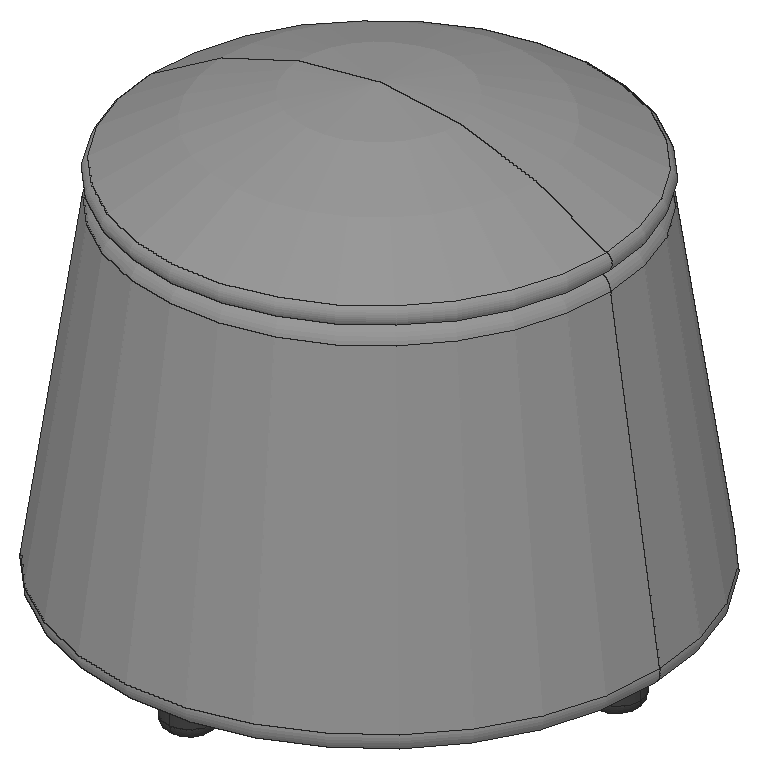
Revit family "LS35", category Furniture, Revit 2019
Family settings
  OmniClass Number = 23.40.00.00
  OmniClass Title = Equipment and Furnishings
  Work Plane-Based = No
  Always vertical = Yes
  Cut with Voids When Loaded = No
  Shared = No
  Room Calculation Point = No
Parameters
  URL = "www.gof.co.uk"
  Seat = Gresham - Camira  Trail - HTL02
  Range = "SOFT SEATING"
  Product Data Specification = ""
  Product Code = "LS35"
  Product Brochure = ""
  Model = "BREAKOUT"
  Manufacturer = "Gresham Office Funiture"  # constant formula
  Feet = Gresham - Black Plastic
  Base = Gresham - Camira  Trail - HTL10
  Assembly Code = "E2020200"
Reference planes
  plane 1 "Center (Front/Back)": y = 0
  plane 2: z = 0
  plane 3 "Center (Left/Right)": x = 0
  plane 4 "Base": z = 25
  plane 5 "Foot": z = 25
  plane 6: z = 440
Forms (mm)
  Revolve 1, solid, material "Gresham - Black Plastic" <- "Feet"
    sketch origin (38.148, 0, 0) x (1, 0, 0) y (0, 0, -1)
      loop
        line (181.852, -25) -> (204.352, -25) -> (204.352, -10)
        arc (204.352, -10) -> (201.423, -2.929) -> (194.352, 0) r 10
        line (194.352, 0) -> (181.852, 0) -> (181.852, -25)
      axis (181.852, -25) -> (181.852, 0)
    angle from 0 to 360
  Revolve 2, solid, material "Gresham - Camira  Trail - HTL10" <- "Base"
    sketch origin (0, 0, 0) x (1, 0, 0) y (0, 0, 1)
      loop
        line (0, 353.557) -> (0, 25) -> (245.368, 25)
        arc (245.368, 25) -> (256.743, 30.221) -> (260.198, 42.25) r 15
        line (260.198, 42.25) -> (215, 340.1)
        arc (215, 340.1) -> (209.944, 349.494) -> (200.08, 353.557) r 15.853
        line (200.08, 353.557) -> (0, 353.557)
      axis (0, 25) -> (0, 353.557)
    angle from 0 to 360
  Revolve 3, solid, material "Gresham - Black Plastic" <- "Feet"
    sketch origin (-38.148, 0, 0) x (-1, 0, 0) y (0, 0, 1)
      loop
        line (181.852, 25) -> (181.852, 0) -> (194.352, 0)
        arc (194.352, 0) -> (201.423, 2.929) -> (204.352, 10) r 10
        line (204.352, 10) -> (204.352, 25) -> (181.852, 25)
      axis (181.852, 25) -> (181.852, 0)
    angle from 0 to 360
  Revolve 4, solid, material "Gresham - Black Plastic" <- "Feet"
    sketch origin (0, 38.148, 0) x (0, 1, 0) y (0, 0, 1)
      loop
        line (181.852, 25) -> (181.852, 0) -> (194.352, 0)
        arc (194.352, 0) -> (201.423, 2.929) -> (204.352, 10) r 10
        line (204.352, 10) -> (204.352, 25) -> (181.852, 25)
      axis (181.852, 25) -> (181.852, 0)
    angle from 0 to 360
  Revolve 5, solid, material "Gresham - Black Plastic" <- "Feet"
    sketch origin (0, -38.148, 0) x (0, -1, 0) y (0, 0, -1)
      loop
        line (181.852, -25) -> (204.352, -25) -> (204.352, -10)
        arc (204.352, -10) -> (201.423, -2.929) -> (194.352, 0) r 10
        line (194.352, 0) -> (181.852, 0) -> (181.852, -25)
      axis (181.852, -25) -> (181.852, 0)
    angle from 0 to 360
  Revolve 6, solid, material "Gresham - Camira  Trail - HTL02" <- "Seat"
    sketch origin (0, 0, 0) x (1, 0, 0) y (0, 0, 1)
      loop
        line (0, 353.557) -> (205.776, 353.557)
        arc (205.776, 353.557) -> (215.128, 360.46) -> (211.286, 371.431) r 9.786
        arc (211.286, 371.431) -> (110.55, 420.44) -> (0, 438.557) r 387.157
        line (0, 438.557) -> (0, 353.557)
      axis (0, 438.557) -> (0, 353.557)
    angle from 0 to 360
Dimensions and locks
  level to plane 4 "Base" = 25 mm
  level to plane 5 "Foot" = 25 mm
  plane 6 to level = 440 mm
  aligned and locked: level to plane 2
  aligned and locked: plane 5 "Foot" to Revolve 1
